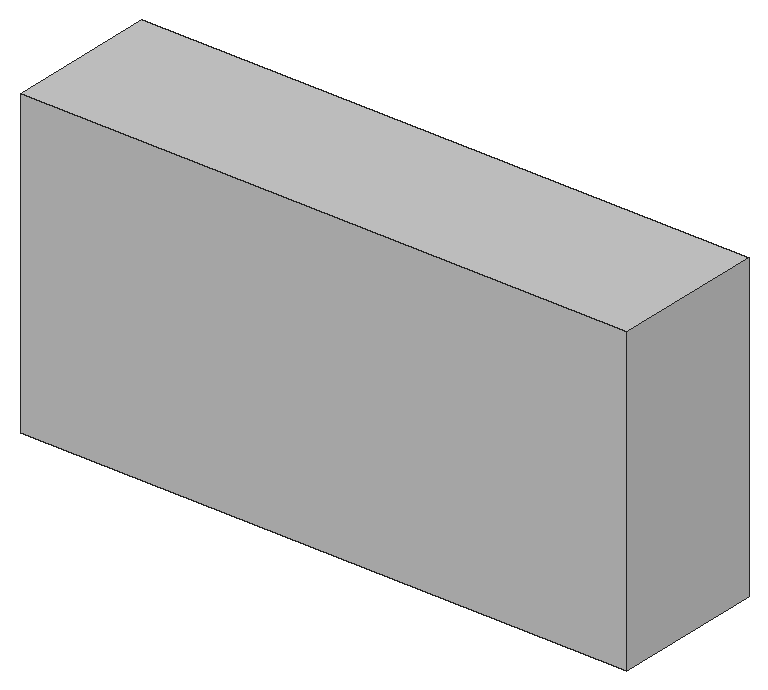
Revit family "c9062e0e7ea744d6b0cd279bb1c57d5f", category Structural Framing, Revit 2021
Family settings
  Display in Hidden Views = Edges Hidden by Other Members
  Structural Framing Length Roundoff = 0' - 0"
  Section Shape = Not Defined
  Material for Model Behavior = Concrete
  Always export as geometry = No
  OmniClass Number = 23.25.30.11.14.14
  OmniClass Title = Beams
  Seek Item ID = Concrete-Rectangular Beam-0000-USA-ENU
  Always vertical = Yes
  Cut with Voids When Loaded = No
  Symbolic Representation = From Family
  Shared = No
  Show family pre-cut in plan views = Yes
Parameters (values of type "12 x 24")
  Structural Material [instance] = Concrete, Cast-in-Place gray
  Assembly Code = "B10"
  Length [instance] = 5' - 0"
  b = 1' - 0"
  h = 2' - 0"
Types (3): name | b | h
  (no name) | 1' - 0" | 2' - 0"
  16 x 32 | 1' - 4" | 2' - 8"
  12 x 24 | 1' - 0" | 2' - 0"
Reference planes (in)
  plane 1 "Center (Front/Back)": y = 0
  plane 2: z = 0
  plane 3 "Center (Left/Right)": x = 0.1815
  plane 4 "Member Left": x = -23.8185
  plane 5 "Member Right": x = 24.1815
  plane 6: y = 6
  plane 7: y = -6
  plane 8: z = 12
  plane 9 "Bottom": z = -12
  plane 10 "Left": x = -29.8185
  plane 11 "Right": x = 30.1815
Forms (in)
  Sweep 1, solid, material "Concrete, Cast-in-Place gray" <- "Structural Material"
    path origin (0, 0, 0) x (1, 0, 0) y (0, 1, 0)
      loop
        line (24.1815, 0) -> (-23.8185, 0)
    profile "Rectangular Beam-Profile : Rectangular Beam-Profile" origin (0.1815, 0, 0) x (0, -1, 0) y (0, 0, 1)
      loop
        line (-6, -12) -> (6, -12) -> (6, 12) -> (-6, 12) -> (-6, -12)
Dimensions and locks (in)
  "b": plane 6 to plane 7
  equal spacing: plane 9 "Bottom", plane 2, plane 8
  equal spacing: plane 6, plane 1 "Center (Front/Back)", plane 7
  "h": plane 9 "Bottom" to plane 8
  "Length": plane 10 "Left" to plane 11 "Right"
  aligned and locked: Sweep 1 sketch curve to plane 1 "Center (Front/Back)"
  aligned and locked: plane 4 "Member Left" to Sweep 1 sketch curve
  aligned and locked: plane 5 "Member Right" to Sweep 1 sketch curve
